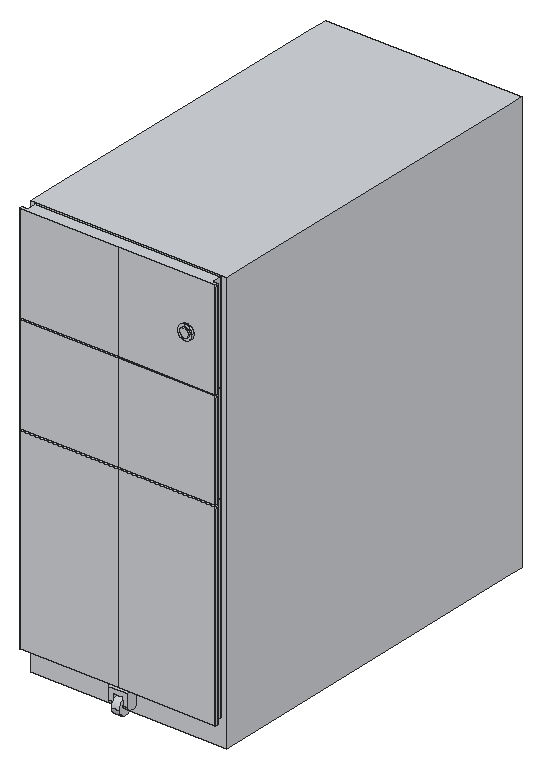
Revit family "BISLEY_Note_Pedestals", category Furniture, Revit 2018
Family settings
  OmniClass Number = 23.40.20.00
  OmniClass Title = General Furniture and Specialties
  Work Plane-Based = No
  Always vertical = Yes
  Cut with Voids When Loaded = No
  Shared = No
  Room Calculation Point = No
Parameters (values of type "NW352M7SSF")
  top piece = 43.165 mm
  top depth = 61.046 mm
  top = yes
  plinth height = 40 mm
  extra depth = yes
  back panels = 0 mm
  back height = (Height)  # 645 mm
  Width = 300 mm
  WarrantyStartDate = "Date of purchase"  # constant formula
  WarrantyGuarantorParts = "Bisley"  # constant formula
  WarrantyGuarantorLabor = "Bisley"  # constant formula
  WarrantyDurationUnit = "year"  # constant formula
  WarrantyDurationParts = "5"  # constant formula
  WarrantyDurationLabor = "5"  # constant formula
  WarrantyDescription = "The product is used during normal office hours"  # constant formula
  Version = ""
  Uniclass2015Version = "V1.1"  # constant formula
  Uniclass2015Title = "Shelves and Storage Units"  # constant formula
  Uniclass 2015 Code = "PR_40_30_25"  # constant formula
  URL = "http://www.bisley.com/en-uk/series/114"
  TagNumber = "n/a"  # constant formula
  SustainabilityPerformance = "BS EN 14073 2004 Part 2 & 3, BS EN 14074 2004, BS 4875 1998 Part 7 level 4 & Part 8, DIN 4554/485"  # constant formula
  Size = "300 x 565 x 645 mm, Packed:330 x 640 x 650 mm"
  Shape = "Box"  # constant formula
  SerialNumber = "n/a"  # constant formula
  Revision = ""
  ReplacementCost = "Please contact us on 01633 637 383 or http://www.bisley.com/en-uk/contacts/new"  # constant formula
  ProductInformation = ""
  Name = "OfficeFittingsFurnishingsAndEquipmentSystem_NotePedestal_Bisley"  # constant formula
  NBSTypeID = ""
  NBSReference = ""
  NBSOfficeMasterTag = ""
  NBSNote = ""
  NBSDescription = ""
  ModelReference = "Note Pedestal"  # constant formula
  ModelNumber = "NW352M7SSF"
  Model = "Note Pedestal"  # constant formula
  Material = "Steel"  # constant formula
  ManufacturerURL = "http://www.bisley.com/en-uk"
  ManufacturerName = "Bisley Office Furniture"  # constant formula
  Manufacturer = "Bisley Office Furniture"  # constant formula
  Lock height = 525 mm
  InstallationDate [instance] = ""
  Height = 645 mm
  Grade = "n/a"  # constant formula
  Freestanding top = yes
  Finish = "Powder coated, available in 16 colours"  # constant formula
  Features = "Robust welded steel carcase, Anti-tilt mechanism, 100% extension file drawers, Optional drop-in pen tray, 6mm decorative top-optional"  # constant formula
  ExpectedLife = "5-10"  # constant formula
  DurationUnit = "n/a"  # constant formula
  Door width = 210 mm
  Description = "Castor based or static under-desk pedestal."  # constant formula
  Depth = 565 mm
  Constituents = "n/a"  # constant formula
  Color = "Available in 16 finishes. For more info call: 020 7436 7111"  # constant formula
  CodePerformance = "n/a"  # constant formula
  Category = "Pedestals"  # constant formula
  Castor = yes
  Bottom Door height = 300 mm
  BarCode = "n/a"  # constant formula
  BIMObjectName = "NBS_Bisley_OfficeFittingsFurnishingsAndEquipmentSystem_NotePedestal"  # constant formula
  Author = "Bisley Office Furniture"  # constant formula
  AssetType = "Moveable"  # constant formula
  AssetIdentifier = "n/a"  # constant formula
  AccessibilityPerformance = "n/a"  # constant formula
  3rd drawer = yes
  3rd Drawer height = 150 mm
  2nd Drawer height = 150 mm
  20 = 0 mm
Types (15, lengths in mm): name | top piece | top depth | back panels | back height | Width | Size | ModelNumber | Lock height | Height | Castor | Bottom Door height | 3rd drawer | 3rd Drawer height | 2nd Drawer height | 20
  (no name) | 43.165 | 61.046 | 0 | 645 | 300 | "300 x 565 x 645 mm, Packed:330 x 640 x 650 mm" | "NW352M7SSF" | 525 | 645 | yes | 300 | yes | 150 | 150 | 0
  NWA59M7SF | 43.165 | 61.046 | 0 | 495 | 420 | "420 x 565 x 495 mm, Packed: 440 x 640 x 500 mm" | "NWA59M7SF" | 380 | 495 | yes | 300 | no | 100.756 | 153 | 0
  NWA59M7SSS | 43.165 | 61.046 | 0 | 495 | 420 | "420 x 565 x 495 mm, Packed: 440 x 640 x 500 mm" | "NWA59M7SSS" | 380 | 495 | no | 150 | yes | 150 | 150 | 0
  NWA5AM7IIF | 43.165 | 61.046 | 0 | 567 | 420 | "420 x 565 x 567 mm, Packed: 440 x 640 x 570 mm" | "NWA5AM7IIF" | 470 | 567 | yes | 300 | yes | 111 | 111 | 0
  NWA52M7SSF | 43.165 | 61.046 | 0 | 645 | 420 | "420 x 565 x 645 mm, Pacekd: 440 x 640 x 650 mm" | "NWA52M7SSF" | 525 | 645 | yes | 300 | yes | 150 | 150 | 0
  NWA52M7FF | 43.165 | 61.046 | 0 | 645 | 420 | "420 x 565 x 645 mm, Pacekd: 440 x 640 x 650 mm" | "NWA52M7FF" | 362 | 645 | no | 300 | no | 150 | 300 | 0
  NW359M7SF | 43.165 | 61.046 | 0 | 495 | 300 | "300 x 565 x 495 mm, Packed: 330 x 640 x 500 mm" | "NW359M7SF" | 380 | 495 | yes | 300 | no | 100.756 | 153 | 0
  NW359M7SSS | 43.165 | 61.046 | 0 | 495 | 300 | "300 x 565 x 495 mm, Packed: 330 x 640 x 500 mm" | "NW359M7SSS" | 380 | 495 | no | 150 | yes | 150 | 150 | 0
  NW35AM7IIF | 43.165 | 61.046 | 0 | 567 | 300 | "300 x 565 x 567 mm" | "NW35AM7IIF" | 470 | 567 | yes | 300 | yes | 111 | 111 | 0
  NW352M7FF | 43.165 | 61.046 | 0 | 645 | 300 | "300 x 565 x 645 mm, Packed: 330 x 640 x 650 mm" | "NW352M7FF" | 362 | 645 | no | 300 | no | 150 | 300 | 0
  NW352M7SSF | 43.165 | 61.046 | 0 | 645 | 300 | "300 x 565 x 645 mm, Packed:330 x 640 x 650 mm" | "NW352M7SSF" | 525 | 645 | yes | 300 | yes | 150 | 150 | 0
  NWA53G7FF | 54 | 61.046 | 0 | 698 | 420 | "420 x 565 x 698 mm, Packed: 440 x 640 x 710 mm" | "NWA53G7FF" | 362 | 698 | no | 300 | no | 150 | 300 | 21
  NWA53G7SSF | 53 | 61.046 | 0 | 698 | 420 | "420 x 565 x 698 mm, Pacekd: 440 x 640 x 710 mm" | "NWA53G7SSF" | 525 | 698 | yes | 300 | yes | 150 | 150 | 21
  NWA73G7FF | 54 | 61.046 | 190 | 698 | 420 | "420 x 775 x 698 mm, Pacekd: 440 x 850 x 710 mm" | "NWA52M7FF" | 362 | 698 | no | 300 | no | 150 | 300 | 21
  NWA73G7SSF | 53 | 20 | 190 | 698 | 420 | "420 x 775 x 698 mm, Pacekd: 440 x 850 x 710 mm" | "NWA52M7SSF" | 525 | 698 | yes | 300 | yes | 150 | 150 | 20
Reference planes
  plane 1 "Center (Front/Back)": y = 0
  plane 2: z = 7
  plane 3 "Center (Left/Right)": x = 0
  plane 4: x = -150
  plane 5: x = 150
  plane 6: y = 282.5
  plane 7: y = -282.5
  plane 8: z = 652
  plane 9: z = 7
  plane 10: z = 622
  plane 11: z = 47
  plane 12: x = -130
  plane 13: x = 130
  plane 14: y = 230
  plane 15: x = 477
  plane 16: x = -477
  plane 17: z = 347
  plane 18: z = 349
  plane 19: z = 499
  plane 20: z = 501
  plane 21: z = 651
  plane 22: z = 572
  plane 23: y = -302.866
  plane 24: z = 608.835
  plane 25: y = 282.5
  plane 26: z = 652
  plane 27: z = 608.835
  plane 28: y = -343.546
  plane 29: y = -235.307
  plane 30: y = -282.5
  plane 31 "a back": y = 256.205
Forms (mm)
  Extrusion 1, void
    sketch origin (0, 0, 0) x (1, 0, 0) y (0, 0, 1)
      loop
        line (-130, 622) -> (-130, 47) -> (130, 47) -> (130, 622) -> (-130, 622)
    from -230 to 282.5
  Extrusion 2, solid, not visible
    sketch origin (0, 0, -11) x (0, 0, -1) y (0, -1, 0)
      loop
        line (-375, 215) -> (-73.486, 215) -> (-73.486, 235) -> (-323.022, 235) -> (-358, 216.402) -> (-373.358, 216.402) -> (-373.358, 233.251) -> (-358, 233.251) -> (-358, 235) -> (-375, 235) -> (-375, 215)
    from -213 to 213
  Extrusion 3, solid
    sketch origin (0, 4.634, 7) x (1, 0, 0) y (0, 1, 0)
      loop
        line (0, -287.5) -> (-141, -287.5)
        arc (-141, -287.5) -> (-141.707, -287.793) -> (-142, -288.5) r 1
        line (-142, -288.5) -> (-142, -301.5)
        arc (-142, -301.5) -> (-142.293, -302.207) -> (-143, -302.5) r 1
        line (-143, -302.5) -> (-149, -302.5)
        arc (-149, -302.5) -> (-149.707, -302.793) -> (-150, -303.5) r 1
        line (-150, -303.5) -> (-150, -306.5)
        arc (-150, -306.5) -> (-149.707, -307.207) -> (-149, -307.5) r 1
        line (-149, -307.5) -> (0, -307.5) -> (149, -307.5)
        arc (149, -307.5) -> (149.707, -307.207) -> (150, -306.5) r 1
        line (150, -306.5) -> (150, -303.5)
        arc (150, -303.5) -> (149.707, -302.793) -> (149, -302.5) r 1
        line (149, -302.5) -> (143, -302.5)
        arc (143, -302.5) -> (142.293, -302.207) -> (142, -301.5) r 1
        line (142, -301.5) -> (142, -288.5)
        arc (142, -288.5) -> (141.707, -287.793) -> (141, -287.5) r 1
        line (141, -287.5) -> (0, -287.5)
    from 40 to 340
  Extrusion 4, solid
    sketch origin (0, 4.634, 309) x (1, 0, 0) y (0, 1, 0)
      loop
        line (0, -287.5) -> (-141, -287.5)
        arc (-141, -287.5) -> (-141.707, -287.793) -> (-142, -288.5) r 1
        line (-142, -288.5) -> (-142, -301.5)
        arc (-142, -301.5) -> (-142.293, -302.207) -> (-143, -302.5) r 1
        line (-143, -302.5) -> (-149, -302.5)
        arc (-149, -302.5) -> (-149.707, -302.793) -> (-150, -303.5) r 1
        line (-150, -303.5) -> (-150, -306.5)
        arc (-150, -306.5) -> (-149.707, -307.207) -> (-149, -307.5) r 1
        line (-149, -307.5) -> (0, -307.5) -> (149, -307.5)
        arc (149, -307.5) -> (149.707, -307.207) -> (150, -306.5) r 1
        line (150, -306.5) -> (150, -303.5)
        arc (150, -303.5) -> (149.707, -302.793) -> (149, -302.5) r 1
        line (149, -302.5) -> (143, -302.5)
        arc (143, -302.5) -> (142.293, -302.207) -> (142, -301.5) r 1
        line (142, -301.5) -> (142, -288.5)
        arc (142, -288.5) -> (141.707, -287.793) -> (141, -287.5) r 1
        line (141, -287.5) -> (0, -287.5)
    from 40 to 190
  Extrusion 5, solid, visible <- "Castor"
    sketch origin (0, 0, 0) x (0, 1, 0) y (0, 0, 1)
      loop
        line (-291.518, 47) -> (-296.518, 47)
        arc (-296.518, 47) -> (-300.053, 45.536) -> (-301.518, 42) r 5
        line (-301.518, 42) -> (-301.518, 23.228)
        arc (-301.518, 23.228) -> (-300.053, 19.692) -> (-296.518, 18.228) r 5
        line (-296.518, 18.228) -> (-291.518, 18.228)
        arc (-291.518, 18.228) -> (-287.982, 19.692) -> (-286.518, 23.228) r 5
        line (-286.518, 23.228) -> (-286.518, 42)
        arc (-286.518, 42) -> (-287.982, 45.536) -> (-291.518, 47) r 5
    from -15 to 15
  Extrusion 6, void
    sketch origin (0, -301.518, 47) x (0, 0, 1) y (1, 0, 0)
      loop
        line (-11.761, 0) -> (-11.761, 7) -> (-28.772, 7) -> (-28.772, -7) -> (-11.761, -7) -> (-11.761, 0)
    from 0 to 15
  Extrusion 7, solid, visible <- "Castor"
    sketch origin (0, 0, 0) x (0, 1, 0) y (0, 0, 1)
      loop
        circle (-295.241, 19.211) r 12
    from -6 to 6
  Extrusion 8, solid, visible <- "3rd drawer"
    sketch origin (0, 4.634, 411) x (1, 0, 0) y (0, 1, 0)
      loop
        line (0, -287.5) -> (-141, -287.5)
        arc (-141, -287.5) -> (-141.707, -287.793) -> (-142, -288.5) r 1
        line (-142, -288.5) -> (-142, -301.5)
        arc (-142, -301.5) -> (-142.293, -302.207) -> (-143, -302.5) r 1
        line (-143, -302.5) -> (-149, -302.5)
        arc (-149, -302.5) -> (-149.707, -302.793) -> (-150, -303.5) r 1
        line (-150, -303.5) -> (-150, -306.5)
        arc (-150, -306.5) -> (-149.707, -307.207) -> (-149, -307.5) r 1
        line (-149, -307.5) -> (0, -307.5) -> (149, -307.5)
        arc (149, -307.5) -> (149.707, -307.207) -> (150, -306.5) r 1
        line (150, -306.5) -> (150, -303.5)
        arc (150, -303.5) -> (149.707, -302.793) -> (149, -302.5) r 1
        line (149, -302.5) -> (143, -302.5)
        arc (143, -302.5) -> (142.293, -302.207) -> (142, -301.5) r 1
        line (142, -301.5) -> (142, -288.5)
        arc (142, -288.5) -> (141.707, -287.793) -> (141, -287.5) r 1
        line (141, -287.5) -> (0, -287.5)
    from 90 to 240
  Extrusion 9, solid
    sketch origin (67.397, -302.866, 0) x (1, 0, 0) y (0, 0, 1)
      loop
        circle (38.076, 572) r 11
    from 0 to 3
  Extrusion 10, solid
    sketch origin (0, -305.866, 0) x (1, 0, 0) y (0, 0, 1)
      loop
        circle (105.473, 572) r 7
    from 0 to 1
  Extrusion 11, solid, visible <- "Freestanding top"
    sketch origin (0, 0, 0) x (1, 0, 0) y (0, 0, 1)
      loop
        line (-150, 652) -> (-150, 7) -> (150, 7) -> (150, 652) -> (-150, 652)
    from -282.5 to 282.5
  Extrusion 12, solid, visible <- "Freestanding top"
    sketch origin (0, 0, 0) x (1, 0, 0) y (0, 0, 1)
      loop
        line (-150, 652) -> (-150, 608.835) -> (150, 608.835) -> (150, 652) -> (-150, 652)
    from 235.307 to 282.5
  Extrusion 13, solid, visible <- "Freestanding top"
    sketch origin (0, 256.205, 0) x (-1, 0, 0) y (0, 0, 1)
      loop
        line (150, 7) -> (150, 652) -> (-150, 652) -> (-150, 7) -> (150, 7)
    from 0 to 26.295
Cuts and joins
  Extrusion 6 cuts Extrusion 5
  joined: Extrusion 5, Extrusion 7
  joined: Extrusion 9, Extrusion 10
  joined: Extrusion 11, Extrusion 12, Extrusion 13
Dimensions and locks
  equal spacing: plane 4, plane 3 "Center (Left/Right)", plane 5
  "Width": plane 4 to plane 5
  "Depth": plane 6 to plane 7
  locked: plane 9 to level
  "plinth height": plane 11 to plane 9
  locked: plane 8 to plane 10 at 30
  locked: plane 12 to plane 4 at 20
  locked: plane 5 to plane 13 at 20
  "Height": plane 8 to plane 9
  plane 3 "Center (Left/Right)" to plane 15 = 477 mm
  equal spacing: plane 15, plane 3 "Center (Left/Right)", plane 16
  equal spacing: plane 6, plane 1 "Center (Front/Back)", plane 7
  "Bottom Door height": plane 17 to plane 11
  locked: plane 18 to plane 17 at 2
  "2nd Drawer height": plane 19 to plane 18
  locked: plane 20 to plane 19 at 2
  "3rd Drawer height": plane 21 to plane 20
  "Lock height": plane 22 to plane 11
  Extrusion 11 to Extrusion 11 = 645 mm
  "top piece": plane 8 to plane 24
  "back panels": plane 25 to plane 6
  "back height": plane 26 to level
  "top piece": plane 26 to plane 27
  "top depth": plane 7 to plane 28
  locked: plane 29 to plane 7 at 47.193
  "20": plane 7 to plane 30
  plane 6 to plane 31 "a back" = 26.295 mm
  plane 28 to plane 25 = 626.046 mm
  aligned and locked: level to plane 2
  aligned and locked: Extrusion 1 sketch curve to plane 10
  aligned and locked: plane 12 to Extrusion 1 sketch curve
  aligned and locked: Extrusion 1 sketch curve to plane 11
  aligned and locked: Extrusion 1 sketch curve to plane 13
  aligned and locked: Extrusion 1 to plane 7
  aligned and locked: Extrusion 1 to plane 14
  aligned and locked: plane 11 to Extrusion 3
  aligned and locked: plane 17 to Extrusion 3
  aligned and locked: Extrusion 4 to plane 18
  aligned and locked: plane 19 to Extrusion 4
  aligned and locked: plane 21 to Extrusion 8
  aligned and locked: Extrusion 8 to plane 20
  aligned and locked: Extrusion 11 sketch curve to plane 5
  aligned and locked: plane 6 to Extrusion 11
  aligned and locked: Extrusion 11 to level
  aligned and locked: Extrusion 12 sketch curve to Extrusion 11  (x2)
  aligned and locked: plane 24 to Extrusion 12 sketch curve
  aligned and locked: Extrusion 12 sketch curve to plane 5
  aligned and locked: Extrusion 12 to plane 29
  aligned and locked: Extrusion 12 to plane 30
  aligned and locked: Extrusion 13 sketch curve to cut or joined group of Extrusion 11, Extrusion 12, Extrusion 13  (x4)
  aligned and locked: plane 25 to Extrusion 13
Automatic sketch dimensions
  Extrusion 2 sketch curve to Extrusion 2 sketch curve = 1.642 mm
  Extrusion 2 sketch curve to Extrusion 2 sketch curve = 15.358 mm  (x2)
  Extrusion 2 sketch curve to Extrusion 2 sketch curve = 34.978 mm
  Extrusion 2 sketch curve to Extrusion 2 sketch curve = 249.536 mm
  Extrusion 2 sketch curve to Extrusion 2 sketch curve = 1.402 mm
  Extrusion 2 sketch curve to Extrusion 2 sketch curve = 16.849 mm
  Extrusion 2 sketch curve to Extrusion 2 sketch curve = 1.749 mm
  Extrusion 2 sketch curve to Extrusion 2 sketch curve = 0 mm
  Extrusion 3 sketch curve to plane 4 = 0 mm
  Extrusion 3 sketch curve to plane 3 "Center (Left/Right)" = 0 mm  (x2)
  Extrusion 3 sketch curve to plane 5 = 0 mm
  plane 4 to Extrusion 3 sketch curve = 1 mm
  Extrusion 3 sketch curve to Extrusion 3 sketch curve = 1 mm  (x2)
  Extrusion 3 sketch curve to Extrusion 3 sketch curve = 6 mm
  Extrusion 3 sketch curve to plane 7 = 1.366 mm  (x2)
  plane 4 to Extrusion 3 sketch curve = 8 mm
  Extrusion 3 sketch curve to plane 7 = 0.366 mm
  Extrusion 3 sketch curve to plane 5 = 9 mm
  Extrusion 3 sketch curve to plane 5 = 1 mm  (x2)
  Extrusion 3 sketch curve to Extrusion 3 sketch curve = 13 mm  (x2)
  Extrusion 3 sketch curve to Extrusion 3 sketch curve = 3 mm
  Extrusion 4 sketch curve to plane 4 = 0 mm
  Extrusion 4 sketch curve to plane 3 "Center (Left/Right)" = 0 mm  (x2)
  Extrusion 4 sketch curve to plane 5 = 0 mm
  plane 4 to Extrusion 4 sketch curve = 1 mm
  Extrusion 4 sketch curve to Extrusion 4 sketch curve = 1 mm  (x2)
  Extrusion 4 sketch curve to Extrusion 4 sketch curve = 6 mm
  Extrusion 4 sketch curve to plane 7 = 1.366 mm  (x2)
  plane 4 to Extrusion 4 sketch curve = 8 mm
  Extrusion 4 sketch curve to plane 7 = 0.366 mm
  Extrusion 4 sketch curve to plane 5 = 9 mm
  Extrusion 4 sketch curve to plane 5 = 1 mm  (x2)
  Extrusion 4 sketch curve to Extrusion 4 sketch curve = 13 mm  (x2)
  Extrusion 4 sketch curve to Extrusion 4 sketch curve = 3 mm
  plane 11 to Extrusion 5 sketch curve = 0 mm
  Extrusion 5 sketch curve to plane 7 = 19.018 mm
  Extrusion 5 sketch curve to Extrusion 5 sketch curve = 5 mm  (x4)
  Extrusion 5 sketch curve to plane 7 = 4.018 mm
  level to Extrusion 5 sketch curve = 16.228 mm
  Extrusion 6 sketch curve to Extrusion 5 = 5 mm
  Extrusion 6 sketch curve to Extrusion 5 = 6.761 mm
  Extrusion 6 sketch curve to Extrusion 5 = 8 mm
  Extrusion 6 sketch curve to Extrusion 6 sketch curve = 7 mm  (x2)
  Extrusion 7 sketch curve to plane 7 = 12.741 mm
  level to Extrusion 7 sketch curve = 12.211 mm
  Extrusion 8 sketch curve to plane 4 = 0 mm
  Extrusion 8 sketch curve to plane 3 "Center (Left/Right)" = 0 mm  (x2)
  Extrusion 8 sketch curve to plane 5 = 0 mm
  plane 4 to Extrusion 8 sketch curve = 1 mm
  Extrusion 8 sketch curve to Extrusion 8 sketch curve = 1 mm  (x2)
  Extrusion 8 sketch curve to Extrusion 8 sketch curve = 6 mm
  Extrusion 8 sketch curve to plane 7 = 1.366 mm  (x2)
  plane 4 to Extrusion 8 sketch curve = 8 mm
  Extrusion 8 sketch curve to plane 7 = 0.366 mm
  Extrusion 8 sketch curve to plane 5 = 9 mm
  Extrusion 8 sketch curve to plane 5 = 1 mm  (x2)
  Extrusion 8 sketch curve to Extrusion 8 sketch curve = 13 mm  (x2)
  Extrusion 8 sketch curve to Extrusion 8 sketch curve = 3 mm
  Extrusion 9 sketch curve to plane 22 = 0 mm
  Extrusion 9 sketch curve to plane 13 = 24.527 mm
  Extrusion 10 sketch curve to plane 22 = 0 mm
  Extrusion 10 sketch curve to plane 13 = 24.527 mm
  Extrusion 11 sketch curve to plane 21 = 644 mm
  Extrusion 11 sketch curve to plane 4 = 0 mm
  Extrusion 11 sketch curve to plane 8 = 0 mm
  radius of Extrusion 7 sketch curve = 12 mm
  radius of Extrusion 9 sketch curve = 11 mm
  radius of Extrusion 10 sketch curve = 7 mm
